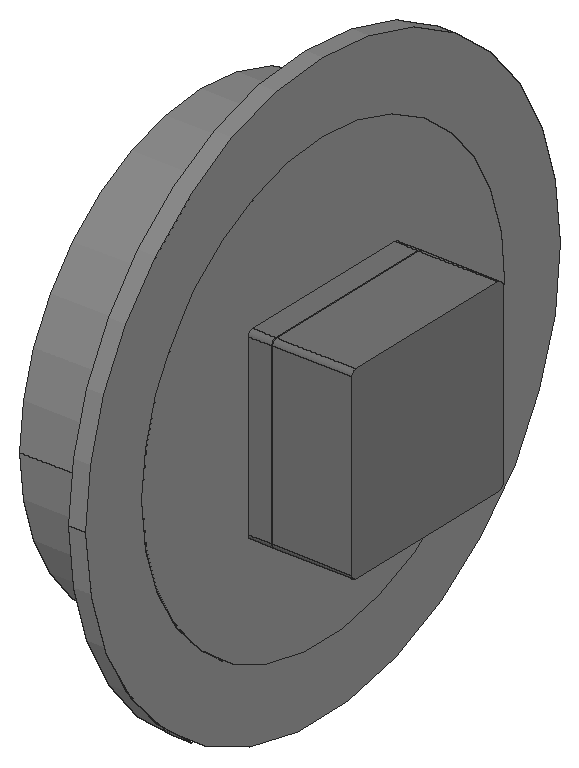
Revit family "VENTS-OVK", category Mechanical Equipment, Revit 2019
Family settings
  Round Connector Dimension = Use Diameter
  Classification = None
  Part Type = Breaks Into
  OmniClass Number = 23.75.35.17.11
  OmniClass Title = Fans for Air Ductwork
  Work Plane-Based = No
  Always vertical = Yes
  Cut with Voids When Loaded = No
  Shared = No
  Room Calculation Point = No
Parameters (values of type "OVK 2E 250 (60Hz)")
  sFl = 2 mm  # constant formula
  r = 10 mm  # constant formula
  gsD = L * 0.8  # 56 mm
  dFl = (D2 - D) / 2  # 40 mm
  Weight = 3.80 kg
  Voltage = 230 V
  URL = "https://ventilation-system.com/product/ovk-2e-250"
  Type Comments = "Axial fan for wall mounting OVK 2E 250"
  Transported Air Temperature (°C) = "-30...+50"
  Supply Flow Direction Symbol [instance] = no
  RPM (min-1) = 2990
  Protection rating = "IPX4"
  Power Factor = 1
  Power = 91 W
  Number of Poles = 1
  Noise Level at 3 m (dBa) = 51
  Motor protection rating = "IP24"
  Model = "OVK 2E 250"
  Maximum Air Flow = 1150 m³/h
  Manufacturer = "Vents"
  Maintenance Zone Material = Maintenance Zone
  Maintenance Zone Length = 600 mm
  Maintenance Zone [instance] = no
  Load Classification = HVAC
  Lgr = 2 mm
  H1 = 130 mm
  L1 = 10 mm
  L2 = L - L1  # 60 mm
  L = 70 mm
  Exhaust Flow Direction Symbol [instance] = yes
  Flow Factor [instance] = 1  # constant formula
  Family Version = "1.0"  # constant formula
  Distribution Box Material = Distribution Box
  Din = D - 2 mm * 2  # 256 mm
  Description = "Low pressure axial fan in the steel casing for wall mounting"
  Current = 0.42 A
  Copyright = "©Vents"
  Casing Material = Metal Painted Black
  D2 = 340 mm
  D = 260 mm
  Apparent Power = Power / Power Factor  # 91 VA
  Air Flow [instance] = 0 m³/h
Types (44, lengths in mm): name | gsD | dFl | Weight | Voltage | URL | Type Comments | Transported Air Temperature (°C) | RPM (min-1) | Power | Number of Poles | Noise Level at 3 m (dBa) | Motor protection rating | Model | Maximum Air Flow | Lgr | H1 | L2 | L | Din | Current | D2 | D | Apparent Power
  OVK 2E 200 (50Hz) | 48 | 35 | 2.80 kg | 230 V | "https://ventilation-system.com/product/ovk-2e-200" | "Axial fan for wall mounting OVK 2E 200" | "-30...+60" | 2300 | 55 W | 1 | 48 | "IP24" | "OVK 2E 200" | 860 m³/h | 2 | 120 | 50 | 60 | 206 | 0.26 A | 280 | 210 | 55 VA
  OVK 2E 200 (60Hz) | 48 | 35 | 2.80 kg | 230 V | "https://ventilation-system.com/product/ovk-2e-200" | "Axial fan for wall mounting OVK 2E 200" | "-30...+50" | 2550 | 61 W | 1 | 49 | "IP24" | "OVK 2E 200" | 875 m³/h | 2 | 120 | 50 | 60 | 206 | 0.28 A | 280 | 210 | 61 VA
  OVK 2E 250 (50Hz) | 56 | 40 | 3.80 kg | 230 V | "https://ventilation-system.com/product/ovk-2e-250" | "Axial fan for wall mounting OVK 2E 250" | "-30...+60" | 2400 | 80 W | 1 | 50 | "IP24" | "OVK 2E 250" | 1050 m³/h | 2 | 130 | 60 | 70 | 256 | 0.4 A | 340 | 260 | 80 VA
  OVK 2E 250 (60Hz) | 56 | 40 | 3.80 kg | 230 V | "https://ventilation-system.com/product/ovk-2e-250" | "Axial fan for wall mounting OVK 2E 250" | "-30...+50" | 2990 | 91 W | 1 | 51 | "IP24" | "OVK 2E 250" | 1150 m³/h | 2 | 130 | 60 | 70 | 256 | 0.42 A | 340 | 260 | 91 VA
  OVK 4E 250 (50Hz) | 56 | 40 | 3.40 kg | 230 V | "https://ventilation-system.com/product/ovk-4e-250" | "Axial fan for wall mounting OVK 4E 250" | "-30...+60" | 1380 | 50 W | 1 | 38 | "IP24" | "OVK 4E 250" | 800 m³/h | 2 | 130 | 60 | 70 | 256 | 0.22 A | 340 | 260 | 50 VA
  OVK 4E 250 (60Hz) | 56 | 40 | 3.40 kg | 230 V | "https://ventilation-system.com/product/ovk-4e-250" | "Axial fan for wall mounting OVK 4E 250" | "-30...+50" | 1730 | 56 W | 1 | 39 | "IP24" | "OVK 4E 250" | 865 m³/h | 2 | 130 | 60 | 70 | 256 | 0.24 A | 340 | 260 | 56 VA
  OVK 2E 300 (50Hz) | 64 | 40 | 5.90 kg | 230 V | "https://ventilation-system.com/product/ovk-2e-300" | "Axial fan for wall mounting OVK 2E 300" | "-30...+60" | 2300 | 145 W | 1 | 53 | "IP24" | "OVK 2E 300" | 2230 m³/h | 2 | 140 | 70 | 80 | 313 | 0.66 A | 397 | 317 | 145 VA
  OVK 2E 300 (60Hz) | 64 | 40 | 5.90 kg | 230 V | "https://ventilation-system.com/product/ovk-2e-300" | "Axial fan for wall mounting OVK 2E 300" | "-30...+50" | 2410 | 178 W | 1 | 54 | "IP24" | "OVK 2E 300" | 2280 m³/h | 2 | 140 | 70 | 80 | 313 | 0.79 A | 397 | 317 | 178 VA
  OVK 4E 300 (50Hz) | 64 | 40 | 5.00 kg | 230 V | "https://ventilation-system.com/product/ovk-4e-300" | "Axial fan for wall mounting OVK 4E 300" | "-30...+60" | 1350 | 75 W | 1 | 44 | "IP24" | "OVK 4E 300" | 1340 m³/h | 2 | 140 | 70 | 80 | 313 | 0.35 A | 397 | 317 | 75 VA
  OVK 4E 300 (60Hz) | 64 | 40 | 5.00 kg | 230 V | "https://ventilation-system.com/product/ovk-4e-300" | "Axial fan for wall mounting OVK 4E 300" | "-30...+50" | 1405 | 92 W | 1 | 45 | "IP24" | "OVK 4E 300" | 1475 m³/h | 2 | 140 | 70 | 80 | 313 | 0.4 A | 397 | 317 | 92 VA
  OVK 4E 350 (50Hz) | 77.6 | 43 | 7.50 kg | 230 V | "https://ventilation-system.com/product/ovk-4e-350" | "Axial fan for wall mounting OVK 4E 350" | "-30...+60" | 1380 | 140 W | 1 | 46 | "IP24" | "OVK 4E 350" | 2500 m³/h | 2 | 160 | 87 | 97 | 370 | 0.65 A | 460 | 374 | 140 VA
  OVK 4E 350 (60Hz) | 77.6 | 43 | 7.70 kg | 230 V | "https://ventilation-system.com/product/ovk-4e-350" | "Axial fan for wall mounting OVK 4E 350" | "-30...+50" | 1700 | 147 W | 1 | 47 | "IP24" | "OVK 4E 350" | 2650 m³/h | 2 | 160 | 87 | 97 | 370 | 0.66 A | 460 | 374 | 147 VA
  OVK 4E 400 (50Hz) | 77.6 | 56 | 8.50 kg | 230 V | "https://ventilation-system.com/product/ovk-4e-400" | "Axial fan for wall mounting OVK 4E 400" | "-30...+60" | 1380 | 180 W | 1 | 53 | "IP24" | "OVK 4E 400" | 3580 m³/h | 35 | 195 | 87 | 97 | 412 | 0.82 A | 528 | 416 | 180 VA
  OVK 4E 400 (60Hz) | 77.6 | 56 | 8.50 kg | 230 V | "https://ventilation-system.com/product/ovk-4e-400" | "Axial fan for wall mounting OVK 4E 400" | "-30...+50" | 1655 | 240 W | 1 | 54 | "IP24" | "OVK 4E 400" | 3890 m³/h | 35 | 195 | 87 | 97 | 412 | 1.08 A | 528 | 416 | 240 VA
  OVK 4E 450 (50Hz) | 88 | 71 | 10.00 kg | 230 V | "https://ventilation-system.com/product/ovk-4e-450" | "Axial fan for wall mounting OVK 4E 450" | "-30...+60" | 1350 | 250 W | 1 | 56 | "IP24" | "OVK 4E 450" | 4680 m³/h | 35 | 205 | 100 | 110 | 461 | 1.2 A | 607 | 465 | 250 VA
  OVK 4E 450 (60Hz) | 88 | 71 | 10.00 kg | 230 V | "https://ventilation-system.com/product/ovk-4e-450" | "Axial fan for wall mounting OVK 4E 450" | "-30...+50" | 1600 | 325 W | 1 | 57 | "IP24" | "OVK 4E 450" | 4790 m³/h | 35 | 205 | 100 | 110 | 461 | 1.46 A | 607 | 465 | 325 VA
  OVK 4E 500 (50Hz) | 104 | 67.5 | 14.00 kg | 230 V | "https://ventilation-system.com/product/ovk-4e-500" | "Axial fan for wall mounting OVK 4E 500" | "-30...+60" | 1300 | 420 W | 1 | 58 | "IP24" | "OVK 4E 500" | 7060 m³/h | 15 | 205 | 120 | 130 | 516 | 1.95 A | 655 | 520 | 420 VA
  OVK 4E 500 (60Hz) | 104 | 67.5 | 14.00 kg | 230 V | "https://ventilation-system.com/product/ovk-4e-500" | "Axial fan for wall mounting OVK 4E 500" | "-30...+50" | 1630 | 455 W | 1 | 59 | "IP24" | "OVK 4E 500" | 7130 m³/h | 15 | 205 | 120 | 130 | 516 | 2.05 A | 655 | 520 | 455 VA
  OVK 4E 550 (50Hz) | 112 | 70 | 16.50 kg | 230 V | "https://ventilation-system.com/product/ovk-4e-550" | "Axial fan for wall mounting OVK 4E 550" | "-30...+60" | 1300 | 550 W | 1 | 62 | "IP24" | "OVK 4E 550" | 8800 m³/h | 15 | 215 | 130 | 140 | 566 | 2.55 A | 710 | 570 | 550 VA
  OVK 4E 550 (60Hz) | 112 | 70 | 16.50 kg | 230 V | "https://ventilation-system.com/product/ovk-4e-550" | "Axial fan for wall mounting OVK 4E 550" | "-30...+50" | 1580 | 654 W | 1 | 63 | "IP24" | "OVK 4E 550" | 8970 m³/h | 15 | 215 | 130 | 140 | 566 | 2.88 A | 710 | 570 | 654 VA
  OVK 4E 630 (50Hz) | 123.2 | 75 | 20.00 kg | 230 V | "https://ventilation-system.com/product/ovk-4e-630" | "Axial fan for wall mounting OVK 4E 630" | "-30...+60" | 1360 | 750 W | 1 | 67 | "IP24" | "OVK 4E 630" | 11900 m³/h | 15 | 230 | 144 | 154 | 646 | 3.5 A | 800 | 650 | 750 VA
  OVK 4E 630 (60Hz) | 123.2 | 75 | 20.00 kg | 230 V | "https://ventilation-system.com/product/ovk-4e-630" | "Axial fan for wall mounting OVK 4E 630" | "-30...+50" | 1625 | 979 W | 1 | 68 | "IP24" | "OVK 4E 630" | 12100 m³/h | 15 | 230 | 144 | 154 | 646 | 4.26 A | 800 | 650 | 979 VA
  OVK 2D 250 (50Hz) | 56 | 40 | 3.80 kg | 400 V | "https://ventilation-system.com/product/ovk-2d-250" | "Axial fan for wall mounting OVK 2D 250" | "-30...+60" | 2600 | 80 W | 3 | 51 | "IP44" | "OVK 2D 250" | 1060 m³/h | 2 | 130 | 60 | 70 | 256 | 0.22 A | 340 | 260 | 80 VA
  OVK 2D 250 (60Hz) | 56 | 40 | 3.80 kg | 400 V | "https://ventilation-system.com/product/ovk-2d-250" | "Axial fan for wall mounting OVK 2D 250" | "-30...+50" | 3030 | 92 W | 3 | 52 | "IP44" | "OVK 2D 250" | 1150 m³/h | 2 | 130 | 60 | 70 | 256 | 0.24 A | 340 | 260 | 92 VA
  OVK 4D 250 (50Hz) | 56 | 40 | 3.40 kg | 400 V | "https://ventilation-system.com/product/ovk-4d-250" | "Axial fan for wall mounting OVK 4D 250" | "-30...+60" | 1400 | 60 W | 3 | 38 | "IP44" | "OVK 4D 250" | 850 m³/h | 2 | 130 | 60 | 70 | 256 | 0.17 A | 340 | 260 | 60 VA
  OVK 4D 250 (60Hz) | 56 | 40 | 3.40 kg | 400 V | "https://ventilation-system.com/product/ovk-4d-250" | "Axial fan for wall mounting OVK 4D 250" | "-30...+50" | 1750 | 89 W | 3 | 38 | "IP44" | "OVK 4D 250" | 885 m³/h | 2 | 130 | 60 | 70 | 256 | 0.22 A | 340 | 260 | 89 VA
  OVK 2D 300 (50Hz) | 64 | 40 | 5.10 kg | 400 V | "https://ventilation-system.com/product/ovk-2d-300" | "Axial fan for wall mounting OVK 2D 300" | "-30...+60" | 2350 | 145 W | 3 | 52 | "IP44" | "OVK 2D 300" | 2310 m³/h | 2 | 140 | 70 | 80 | 313 | 0.25 A | 397 | 317 | 145 VA
  OVK 2D 300 (60Hz) | 64 | 40 | 5.10 kg | 400 V | "https://ventilation-system.com/product/ovk-2d-300" | "Axial fan for wall mounting OVK 2D 300" | "-30...+50" | 2570 | 165 W | 3 | 52 | "IP44" | "OVK 2D 300" | 2390 m³/h | 2 | 140 | 70 | 80 | 313 | 0.29 A | 397 | 317 | 165 VA
  OVK 4D 300 (50Hz) | 64 | 40 | 5.10 kg | 400 V | "https://ventilation-system.com/product/ovk-4d-300" | "Axial fan for wall mounting OVK 4D 300" | "-30...+60" | 1380 | 75 W | 3 | 45 | "IP44" | "OVK 4D 300" | 1310 m³/h | 2 | 140 | 70 | 80 | 313 | 0.22 A | 397 | 317 | 75 VA
  OVK 4D 300 (60Hz) | 64 | 40 | 5.10 kg | 400 V | "https://ventilation-system.com/product/ovk-4d-300" | "Axial fan for wall mounting OVK 4D 300" | "-30...+50" | 1640 | 94 W | 3 | 45 | "IP44" | "OVK 4D 300" | 1530 m³/h | 2 | 140 | 70 | 80 | 313 | 0.25 A | 397 | 317 | 94 VA
  OVK 4D 350 (50Hz) | 77.6 | 43 | 7.50 kg | 400 V | "https://ventilation-system.com/product/ovk-4d-350" | "Axial fan for wall mounting OVK 4D 350" | "-30...+60" | 1380 | 140 W | 3 | 46 | "IP44" | "OVK 4D 350" | 2520 m³/h | 2 | 160 | 87 | 97 | 370 | 0.38 A | 460 | 374 | 140 VA
  OVK 4D 350 (60Hz) | 77.6 | 43 | 7.50 kg | 400 V | "https://ventilation-system.com/product/ovk-4d-350" | "Axial fan for wall mounting OVK 4D 350" | "-30...+50" | 1640 | 150 W | 3 | 46 | "IP44" | "OVK 4D 350" | 2590 m³/h | 2 | 160 | 87 | 97 | 370 | 0.41 A | 460 | 374 | 150 VA
  OVK 4D 400 (50Hz) | 77.6 | 56 | 8.50 kg | 400 V | "https://ventilation-system.com/product/ovk-4d-400" | "Axial fan for wall mounting OVK 4D 400" | "-30...+60" | 1380 | 180 W | 3 | 54 | "IP44" | "OVK 4D 400" | 3740 m³/h | 35 | 195 | 87 | 97 | 412 | 0.47 A | 528 | 416 | 180 VA
  OVK 4D 400 (60Hz) | 77.6 | 56 | 8.50 kg | 400 V | "https://ventilation-system.com/product/ovk-4d-400" | "Axial fan for wall mounting OVK 4D 400" | "-30...+50" | 1625 | 195 W | 3 | 54 | "IP44" | "OVK 4D 400" | 3870 m³/h | 35 | 195 | 87 | 97 | 412 | 0.55 A | 528 | 416 | 195 VA
  OVK 4D 450 (50Hz) | 88 | 71 | 10.00 kg | 400 V | "https://ventilation-system.com/product/ovk-4d-450" | "Axial fan for wall mounting OVK 4D 450" | "-30...+60" | 1360 | 250 W | 3 | 56 | "IP44" | "OVK 4D 450" | 5280 m³/h | 35 | 205 | 100 | 110 | 461 | 0.6 A | 607 | 465 | 250 VA
  OVK 4D 450 (60Hz) | 88 | 71 | 10.00 kg | 400 V | "https://ventilation-system.com/product/ovk-4d-450" | "Axial fan for wall mounting OVK 4D 450" | "-30...+50" | 1620 | 275 W | 3 | 56 | "IP44" | "OVK 4D 450" | 5350 m³/h | 35 | 205 | 100 | 110 | 461 | 0.65 A | 607 | 465 | 275 VA
  OVK 4D 500 (50Hz) | 104 | 67.5 | 14.00 kg | 400 V | "https://ventilation-system.com/product/ovk-4d-500" | "Axial fan for wall mounting OVK 4D 500" | "-30..+60" | 1300 | 450 W | 3 | 60 | "IP24" | "OVK 4D 500" | 6570 m³/h | 60 | 250 | 120 | 130 | 516 | 0.9 A | 655 | 520 | 450 VA
  OVK 4D 500 (60Hz) | 104 | 67.5 | 14.00 kg | 400 V | "https://ventilation-system.com/product/ovk-4d-500" | "Axial fan for wall mounting OVK 4D 500" | "-30..+50" | 1605 | 370 W | 3 | 60 | "IP24" | "OVK 4D 500" | 6230 m³/h | 60 | 250 | 120 | 130 | 516 | 0.7 A | 655 | 520 | 370 VA
  OVK 4D 550 (50Hz) | 112 | 70 | 16.50 kg | 400 V | "https://ventilation-system.com/product/ovk-4d-550" | "Axial fan for wall mounting OVK 4D 550" | "-30..+60" | 1350 | 750 W | 3 | 64 | "IP24" | "OVK 4D 550" | 9700 m³/h | 60 | 260 | 130 | 140 | 566 | 1.5 A | 710 | 570 | 750 VA
  OVK 4D 550 (60Hz) | 112 | 70 | 16.50 kg | 400 V | "https://ventilation-system.com/product/ovk-4d-550" | "Axial fan for wall mounting OVK 4D 550" | "-30..+50" | 1605 | 600 W | 3 | 64 | "IP24" | "OVK 4D 550" | 7380 m³/h | 60 | 260 | 130 | 140 | 566 | 1.1 A | 710 | 570 | 600 VA
  OVK 4D 630 (50Hz) | 123.2 | 75 | 20.00 kg | 400 V | "https://ventilation-system.com/product/ovk-4d-630" | "Axial fan for wall mounting OVK 4D 630" | "-30..+60" | 1320 | 800 W | 3 | 69 | "IP24" | "OVK 4D 630" | 12200 m³/h | 60 | 275 | 144 | 154 | 646 | 1.6 A | 800 | 650 | 800 VA
  OVK 4D 630 (60Hz) | 123.2 | 75 | 20.00 kg | 400 V | "https://ventilation-system.com/product/ovk-4d-630" | "Axial fan for wall mounting OVK 4D 630" | "-30..+50" | 1585 | 910 W | 3 | 69 | "IP24" | "OVK 4D 630" | 12400 m³/h | 60 | 275 | 144 | 154 | 646 | 1.68 A | 800 | 650 | 910 VA
  OVK 6D 710 (50Hz) | 137.6 | 82.5 | 31.00 kg | 400 V | "https://ventilation-system.com/product/ovk-6d-710" | "Axial fan for wall mounting OVK 6D 710" | "-30...+60" | 830 | 1150 W | 3 | 63 | "IP44" | "OVK 6D 710" | 15440 m³/h | 180 | 350 | 162 | 172 | 721 | 2 A | 890 | 725 | 1150 VA
  OVK 6D 800 (50Hz) | 137.6 | 85 | 42.00 kg | 400 V | "https://ventilation-system.com/product/ovk-6d-800" | "Axial fan for wall mounting OVK 6D 800" | "-30...+60" | 915 | 1850 W | 3 | 67 | "IP44" | "OVK 6D 800" | 25000 m³/h | 180 | 350 | 162 | 172 | 796 | 3.7 A | 970 | 800 | 1850 VA
Reference planes
  plane 1 "Center (Front/Back)": y = 0
  plane 2: z = 0
  plane 3 "Center (Left/Right)": x = 0
  plane 4 "Right": x = -60
  plane 5: y = 130
  plane 6: y = -130
  plane 7 "GraphicSymbolL": x = -30
  plane 8 "Front": x = 10
  plane 9 "ElCon": x = 70
  plane 10: y = -170
  plane 11: y = 170
Forms (mm)
  Extrusion 1, solid, material "Metal Painted Black" <- "Casing Material", detail levels medium+fine
    sketch origin (-60, 0, 0) x (0, 1, 0) y (0, 0, 1)
      loop
        circle (0, 0) r 130
    from 70 to 0
  Extrusion 2, solid, material "Metal Painted Black" <- "Casing Material", detail levels medium+fine
    sketch origin (0, 0, 0) x (0, 1, 0) y (0, 0, 1)
      loop
        circle (0, 0.843) r 170
    from 0 to 10
Lines and regions (mm)
  model lines, detail levels coarse
    curve 1: line (0, 130, 0) -> (-60, 130, 0)
    curve 2: line (-60, -130, 0) -> (0, -130, 0)
    curve 3: line (-60, 130, 0) -> (-60, -130, 0)
    curve 4: line (0, 170, 0) -> (0, -170, 0)
    curve 5: line (10, 170, 0) -> (10, -170, 0)
    curve 6: line (0, 170, 0) -> (10, 170, 0)
    curve 7: line (0, -170, 0) -> (10, -170, 0)
Dimensions and locks
  "L2": plane 4 "Right" to plane 3 "Center (Left/Right)"
  equal spacing: plane 5, plane 1 "Center (Front/Back)", plane 6
  "D": plane 5 to plane 6
  equal spacing: plane 4 "Right", plane 7 "GraphicSymbolL", plane 3 "Center (Left/Right)"
  "L1": plane 3 "Center (Left/Right)" to plane 8 "Front"
  "H1": plane 4 "Right" to plane 9 "ElCon"
  equal spacing: plane 10, plane 1 "Center (Front/Back)", plane 11
  "D2": plane 11 to plane 10
  "D": diameter of Extrusion 1 sketch curve
  "D2": diameter of Extrusion 2 sketch curve
  aligned and locked: level to plane 2
  aligned and locked: plane 4 "Right" to Extrusion 1
  aligned and locked: plane 8 "Front" to Extrusion 2
  aligned and locked: plane 8 "Front" to Extrusion 1
  aligned and locked: curve 4 to plane 3 "Center (Left/Right)"
  aligned and locked: plane 1 "Center (Front/Back)" to nested 1
  aligned and locked: level to nested 1
  aligned and locked: plane 1 "Center (Front/Back)" to nested 2
  aligned and locked: level to nested 2
  aligned and locked: nested 3 to plane 1 "Center (Front/Back)"
  aligned and locked: nested 4 to plane 1 "Center (Front/Back)"
  aligned and locked: curve 5 to plane 8 "Front"
  aligned and locked: plane 1 "Center (Front/Back)" to nested 5
  aligned and locked: level to nested 5
  aligned and locked: plane 9 "ElCon" to nested 4
  aligned and locked: plane 9 "ElCon" to nested 3
  aligned and locked: curve 6 to plane 11
  aligned and locked: curve 7 to plane 10
Automatic sketch dimensions
  curve 1 to plane 4 "Right" = 0 mm
  curve 3 to plane 6 = 0 mm
  curve 1 to plane 5 = 0 mm
  Extrusion 1 sketch curve to level = 0 mm
  Extrusion 1 sketch curve to plane 1 "Center (Front/Back)" = 0 mm
  Extrusion 2 sketch curve to plane 1 "Center (Front/Back)" = 0 mm
  level to Extrusion 2 sketch curve = 0.843 mm
Nested families
  nested 1: "Grill2" at (10, 0, 0) x (0, -1, 0) z (1, 0, 0), type "Grill2", detail levels fine
    with vd1 no, hc3 1.5 mm, hc2 1 mm, hc1 0.5 mm, H 2 mm
  nested 2: "DistributionBox" at (70, 0, 0) x (0, -1, 0) z (-1, 0, 0), type "DistributionBox", detail levels fine
    with Hcover 14 mm, Hcon 23 mm, H1 46 mm, ConD 20 mm, ConB 27 mm, ConA 27 mm, B 108 mm, A 108 mm
  nested 3: "GraphicalSymbol_AirDirection_Return" at (70, 0, 0) x (0, 1, 0) z (0, 0, 1), visible <- "Supply Flow Direction Symbol", type "GraphicalSymbol_AirDirection_Return"
    with DistanceFromOrigin 100 mm, W 120 mm, L 100 mm
  nested 4: "GraphicalSymbol_AirDirection_Supply" at (70, 0, 0) x (0, 1, 0) z (0, 0, 1), visible <- "Exhaust Flow Direction Symbol", type "GraphicalSymbol_AirDirection_Supply"
    with DistanceFromOrigin 100 mm, W 120 mm, L 100 mm
  nested 5: "MaintenanceZone_Rect" at (10, 0, 0) x (0, -1, 0) z (-1, 0, 0), visible <- "Maintenance Zone", type "MaintenanceZone_Rect", detail levels medium+fine
    with Maintenance Zone Width 340 mm, Maintenance Zone Length 340 mm, Maintenance Zone Height 600 mm
Connectors
  electrical at (47, 27, -51.975), driven by "Number of Poles", driven by "Load Classification", driven by "Voltage", driven by "Apparent Power", driven by "Power Factor"
    settings: on nested 2, index 1, voltage 230 V, apparent load 91 VA, apparent load phase1 0 VA, apparent load phase2 0 VA, apparent load phase3 0 VA, power factor 1, load classification "HVAC", number of poles 1, system type 30, power factor state 1, is connector primary yes, connector utility no, sub classification motor no, connector description ""
Definition of nested family "DistributionBox"
  Parameters (values of type "DistributionBox")
    Hcover = 10 mm
    Hcon = H1 / 2  # 12.5 mm
    H1 = 25 mm
    Distribution Box Material = none
    Default Elevation = 1219.2 mm
    ConD = 12 mm
    ConB = B / 4  # 12.5 mm
    ConA = A / 4  # 12.5 mm
    B = A  # 50 mm
    A = 50 mm
  Reference planes
    plane 1 "Center (Front/Back)": y = 0
    plane 2: z = 0
    plane 3 "Center (Left/Right)": x = 0
    plane 4: x = -25
    plane 5: x = 25
    plane 6: y = 25
    plane 7 "bottom": y = -25
    plane 8: z = 25
    plane 9: z = 35
    plane 10: x = -12.5
    plane 11: x = 12.5
    plane 12: y = 12.5
    plane 13: y = -12.5
    plane 14: z = 12.5
  Forms (mm)
    Extrusion 1, solid, material <- "Distribution Box Material"
      sketch origin (0, 0, 0) x (1, 0, 0) y (0, 1, 0)
        loop
          arc (-22, 25) -> (-24.121, 24.121) -> (-25, 22) r 3
          line (-25, 22) -> (-25, -22)
          arc (-25, -22) -> (-24.121, -24.121) -> (-22, -25) r 3
          line (-22, -25) -> (22, -25)
          arc (22, -25) -> (24.121, -24.121) -> (25, -22) r 3
          line (25, -22) -> (25, 22)
          arc (25, 22) -> (24.121, 24.121) -> (22, 25) r 3
          line (22, 25) -> (-22, 25)
      from 0 to 25
    Extrusion 2, solid, material <- "Distribution Box Material"
      sketch origin (0, 0, 0) x (1, 0, 0) y (0, 1, 0)
        loop
          arc (-22, 25) -> (-24.121, 24.121) -> (-25, 22) r 3
          line (-25, 22) -> (-25, -22)
          arc (-25, -22) -> (-24.121, -24.121) -> (-22, -25) r 3
          line (-22, -25) -> (22, -25)
          arc (22, -25) -> (24.121, -24.121) -> (25, -22) r 3
          line (25, -22) -> (25, 22)
          arc (25, 22) -> (24.121, 24.121) -> (22, 25) r 3
          line (22, 25) -> (-22, 25)
      from 25 to 35
    Extrusion 3, void
      sketch origin (-568.953, -25, 1200) x (1, 0, 0) y (0, 0, 1)
        loop
          circle (556.453, -1187.5) r 6
      from -2.025 to 0
  Cuts and joins
    Extrusion 3 cuts Extrusion 1
    Extrusion 3 cuts Extrusion 2
  Dimensions and locks
    equal spacing: plane 6, plane 1 "Center (Front/Back)", plane 7 "bottom"
    equal spacing: plane 4, plane 3 "Center (Left/Right)", plane 5
    "A": plane 6 to plane 7 "bottom"
    "B": plane 4 to plane 5
    "H1": level to plane 8
    "Hcover": plane 8 to plane 9
    "ConA": plane 1 "Center (Front/Back)" to plane 12
    "ConA": plane 13 to plane 1 "Center (Front/Back)"
    "ConB": plane 10 to plane 3 "Center (Left/Right)"
    "ConB": plane 3 "Center (Left/Right)" to plane 11
    "Hcon": plane 14 to level
    "ConD": diameter of Extrusion 3 sketch curve
    aligned and locked: level to plane 2
    aligned and locked: Extrusion 1 sketch curve to plane 6
    aligned and locked: plane 4 to Extrusion 1 sketch curve
    aligned and locked: plane 7 "bottom" to Extrusion 1 sketch curve
    aligned and locked: Extrusion 1 sketch curve to plane 5
    aligned and locked: plane 8 to Extrusion 1
    aligned and locked: plane 4 to Extrusion 2 sketch curve
    aligned and locked: Extrusion 2 sketch curve to plane 5
    aligned and locked: Extrusion 2 sketch curve to plane 6
    aligned and locked: plane 7 "bottom" to Extrusion 2 sketch curve
    aligned and locked: Extrusion 2 to plane 8
    aligned and locked: plane 9 to Extrusion 2
  Automatic sketch dimensions
    Extrusion 1 sketch curve to Extrusion 1 sketch curve = 3 mm  (x2)
    Extrusion 1 sketch curve to plane 5 = 3 mm  (x2)
    plane 4 to Extrusion 2 sketch curve = 3 mm
    Extrusion 2 sketch curve to Extrusion 2 sketch curve = 3 mm
    Extrusion 2 sketch curve to plane 5 = 3 mm  (x2)
    Extrusion 3 sketch curve to plane 10 = 0 mm
    Extrusion 3 sketch curve to plane 14 = 0 mm
Definition of nested family "MaintenanceZone_Rect"
  Parameters (values of type "MaintenanceZone_Rect")
    Maintenance Zone Width = 500 mm
    Material = none
    Maintenance Zone Length = 1000 mm
    Maintenance Zone Height = 300 mm
    Family Version = ""
    Default Elevation = 1219.2 mm
    Copyright = ""
  Reference planes
    plane 1 "Center (Front/Back)": y = 0
    plane 2: z = 0
    plane 3 "Center (Left/Right)": x = 0
    plane 4: x = -500
    plane 5: x = 500
    plane 6: y = 250
    plane 7: y = -250
    plane 8: z = -300
  Forms (mm)
    Extrusion 1, solid, material <- "Material", detail levels medium+fine
      sketch origin (0, 0, 0) x (1, 0, 0) y (0, 1, 0)
        loop
          line (-500, 250) -> (-500, -250) -> (500, -250) -> (500, 250) -> (-500, 250)
      from 0 to -300
  Lines and regions (mm)
    symbolic lines, detail levels medium+fine
      curve 1: line (-500, 0, 0) -> (500, 0, 0)
      curve 2: line (-500, 0, -300) -> (-500, 0, 0)
      curve 3: line (500, 0, -300) -> (-500, 0, -300)
      curve 4: line (500, 0, 0) -> (500, 0, -300)
      curve 5: line (0, 250, 0) -> (0, -250, 0)
      curve 6: line (0, 250, -300) -> (0, 250, 0)
      curve 7: line (0, -250, -300) -> (0, 250, -300)
      curve 8: line (0, -250, 0) -> (0, -250, -300)
      curve 9: line (-500, 250, 0) -> (500, 250, 0)
      curve 10: line (-500, -250, 0) -> (-500, 250, 0)
      curve 11: line (500, -250, 0) -> (-500, -250, 0)
      curve 12: line (500, 250, 0) -> (500, -250, 0)
  Dimensions and locks
    equal spacing: plane 6, plane 1 "Center (Front/Back)", plane 7
    equal spacing: plane 4, plane 3 "Center (Left/Right)", plane 5
    "Maintenance Zone Width": plane 6 to plane 7
    "Maintenance Zone Length": plane 4 to plane 5
    "Maintenance Zone Height": plane 2 to plane 8
    aligned and locked: level to plane 2
    aligned and locked: Extrusion 1 sketch curve to plane 6
    aligned and locked: plane 4 to Extrusion 1 sketch curve
    aligned and locked: plane 7 to Extrusion 1 sketch curve
    aligned and locked: Extrusion 1 sketch curve to plane 5
    aligned and locked: Extrusion 1 to plane 8
    aligned and locked: curve 1 to Extrusion 1
    aligned and locked: curve 2 to Extrusion 1
    aligned and locked: curve 3 to Extrusion 1
    aligned and locked: curve 4 to Extrusion 1
    aligned and locked: curve 5 to Extrusion 1
    aligned and locked: curve 6 to Extrusion 1
    aligned and locked: curve 7 to Extrusion 1
    aligned and locked: curve 8 to Extrusion 1
    aligned and locked: curve 9 to Extrusion 1
    aligned and locked: curve 10 to Extrusion 1
    aligned and locked: curve 11 to Extrusion 1
    aligned and locked: curve 12 to Extrusion 1
Definition of nested family "Grill2"
  Parameters (values of type "Grill2")
    vh3 = if(hc1 < 5 mm, 1 = 0, 1 = 1)  # no
    vh2 = yes
    vh1 = if(hc1 < 5 mm, 1 = 0, 1 = 1)  # no
    vd1 = yes
    nh = 3
    nd = 6
    hc3 = hc2 + H / (nh + 1)  # 11.25 mm
    hc2 = hc1 + H / (nh + 1)  # 7.5 mm
    hc1 = H / (nh + 1)  # 3.75 mm
    dr2 = ((A / 2) / sin(45.00°) - (D / 2)) * sin(45.00°)  # 12.076 mm
    dr1 = 1 mm
    dc5 = dc4 + D / nd  # 216.667 mm
    dc4 = dc3 + D / nd  # 173.333 mm
    dc3 = dc2 + D / nd  # 130 mm
    dc2 = dc1 + D / nd  # 86.667 mm
    dc1 = D / nd  # 43.333 mm
    H = 15 mm
    Material = none
    D1 = D * 1.05  # 273 mm
    D = 260 mm
    Default Elevation = 1219.2 mm
    A = D * 0.8  # 208 mm
  Reference planes
    plane 1 "Center (Front/Back)": y = 0
    plane 2: z = 0
    plane 3 "Center (Left/Right)": x = 0
    plane 4: y = 104
    plane 5: y = -104
    plane 6: x = -104
    plane 7: x = 104
    plane 8 "1": z = 15
    plane 9: y = 91.924
    plane 10 "11": x = -91.924
    plane 11: y = -91.924
    plane 12 "22": x = 91.924
    plane 13 "h2": z = 7.5
    plane 14 "h1": z = 3.75
    plane 15 "h3": z = 11.25
  Lines and regions (mm)
    model lines
      curve 1: line (-104, 104, 0) -> (-91.924, 91.924, 0)
      curve 2: line (-104, -104, 0) -> (-91.924, -91.924, 0)
      curve 4: circle (0, 0, 15) r 43.333 normal (0, 0, 1)
      curve 5: circle (0, 0, 15) r 65 normal (0, 0, 1)
      curve 6: circle (0, 0, 15) r 86.667 normal (0, 0, 1)
      curve 7: circle (0, 0, 15) r 108.333 normal (0, 0, 1)
      curve 8: circle (0, 0, 15) r 130 normal (0, 0, 1)
      curve 9: line (-91.924, 91.924, 15) -> (91.924, -91.924, 15)
      curve 10: line (91.924, -91.924, 0) -> (104, -104, 0)
      curve 11: line (-91.924, -91.924, 15) -> (91.924, 91.924, 15)
      curve 12: line (91.924, 91.924, 0) -> (104, 104, 0)
      curve 13: line (-91.924, 91.924, 15) -> (-91.924, 91.924, 0)
      curve 14: line (-91.924, -91.924, 15) -> (-91.924, -91.924, 0)
      curve 15: line (91.924, 91.924, 15) -> (91.924, 91.924, 0)
      curve 16: line (91.924, -91.924, 15) -> (91.924, -91.924, 0)
    model lines, visible <- "vd1"
      curve 3: circle (0, 0, 15) r 21.667 normal (0, 0, 1)
    model lines, visible <- "vh1"
      curve 17: circle (0, 0, 3.75) r 130 normal (0, 0, 1)
    model lines, visible <- "vh2"
      curve 18: circle (0, 0, 7.5) r 130 normal (0, 0, 1)
    model lines, visible <- "vh3"
      curve 19: circle (0, 0, 11.25) r 130 normal (0, 0, 1)
  Dimensions and locks
    equal spacing: plane 6, plane 3 "Center (Left/Right)", plane 7
    "A": plane 6 to plane 7
    equal spacing: plane 4, plane 1 "Center (Front/Back)", plane 5
    "A": plane 4 to plane 5
    "dr2": plane 6 to plane 10 "11"
    "dr2": plane 12 "22" to plane 7
    "dr2": plane 4 to plane 9
    "dr2": plane 11 to plane 5
    "H": plane 8 "1" to level
    "hc1": plane 14 "h1" to level
    "hc2": plane 13 "h2" to level
    "hc3": plane 15 "h3" to level
    "dc1": diameter of curve 3
    "dc2": diameter of curve 4
    "dc4": diameter of curve 6
    "dc5": diameter of curve 7
    "D": diameter of curve 8
    "dc3": diameter of curve 5
    "D": diameter of curve 17
    "D": diameter of curve 18
    "D": diameter of curve 19
    aligned and locked: level to plane 2
    aligned and locked: plane 8 "1" to curve 13
    aligned and locked: level to curve 13
    aligned and locked: plane 8 "1" to curve 14
    aligned and locked: level to curve 14
    aligned and locked: plane 8 "1" to curve 15
    aligned and locked: level to curve 15
    aligned and locked: plane 8 "1" to curve 16
    aligned and locked: level to curve 16
    aligned and locked: plane 9 to curve 13
    aligned and locked: plane 11 to curve 14
    aligned and locked: plane 9 to curve 15
    aligned and locked: plane 11 to curve 16
  Automatic sketch dimensions
    curve 2 to plane 5 = 0 mm
    curve 2 to plane 6 = 0 mm
    curve 1 to plane 4 = 0 mm
    curve 1 to plane 6 = 0 mm
    curve 2 to plane 10 "11" = 0 mm
    curve 1 to plane 9 = 0 mm
    curve 1 to plane 10 "11" = 0 mm
    curve 12 to plane 9 = 0 mm
    curve 12 to plane 12 "22" = 0 mm
    curve 10 to plane 11 = 0 mm
    curve 10 to plane 12 "22" = 0 mm
    curve 12 to plane 4 = 0 mm
    curve 12 to plane 7 = 0 mm
    curve 10 to plane 5 = 0 mm
    curve 10 to plane 7 = 0 mm
    curve 2 to plane 11 = 0 mm
    curve 3 to curve 4 = 0 mm  (x2)
    curve 3 to curve 5 = 0 mm  (x2)
    curve 3 to curve 6 = 0 mm  (x2)
    curve 3 to curve 7 = 0 mm  (x2)
    curve 3 to curve 8 = 0 mm  (x2)
    curve 4 to curve 5 = 0 mm  (x2)
    curve 4 to curve 6 = 0 mm  (x2)
    curve 4 to curve 7 = 0 mm  (x2)
    curve 4 to curve 8 = 0 mm  (x2)
    curve 5 to curve 6 = 0 mm  (x2)
    curve 5 to curve 7 = 0 mm  (x2)
    curve 5 to curve 8 = 0 mm  (x2)
    curve 6 to curve 7 = 0 mm  (x2)
    curve 6 to curve 8 = 0 mm  (x2)
    curve 7 to curve 8 = 0 mm  (x2)
    curve 9 to plane 11 = 0 mm
    curve 9 to plane 12 "22" = 0 mm
    curve 11 to plane 9 = 0 mm
    curve 11 to plane 12 "22" = 0 mm
    curve 11 to plane 10 "11" = 0 mm
    curve 9 to plane 9 = 0 mm
    plane 1 "Center (Front/Back)" to curve 17 = 0 mm
    curve 17 to plane 3 "Center (Left/Right)" = 0 mm
    plane 1 "Center (Front/Back)" to curve 18 = 0 mm
    curve 18 to plane 3 "Center (Left/Right)" = 0 mm
    plane 1 "Center (Front/Back)" to curve 19 = 0 mm
    curve 19 to plane 3 "Center (Left/Right)" = 0 mm
Definition of nested family "GraphicalSymbol_AirDirection_Return"
  Parameters (values of type "GraphicalSymbol_AirDirection_Return")
    DistanceFromOrigin = 30 mm
    Default Elevation = 1219.2 mm
    W = 1.2 * L  # 60 mm
    L = 50 mm
  Reference planes
    plane 1 "Center (Front/Back)": y = 0
    plane 2: z = 0
    plane 3 "Center (Left/Right)": x = 0
    plane 4: y = -30
    plane 5: y = -80
    plane 6: x = -30
    plane 7: x = 30
  Lines and regions (mm)
    model lines
      curve 1: line (-30, -80, 0) -> (30, -80, 0)
      curve 2: line (30, -80, 0) -> (0, -30, 0)
      curve 3: line (0, -30, 0) -> (-30, -80, 0)
  Dimensions and locks
    equal spacing: plane 6, plane 3 "Center (Left/Right)", plane 7
    "DistanceFromOrigin": plane 4 to plane 1 "Center (Front/Back)"
    "L": plane 4 to plane 5
    "W": plane 6 to plane 7
    aligned and locked: level to plane 2
  Automatic sketch dimensions
    curve 1 to plane 5 = 0 mm
    curve 1 to plane 6 = 0 mm
    curve 3 to plane 3 "Center (Left/Right)" = 0 mm
    curve 2 to plane 7 = 0 mm
    curve 2 to plane 4 = 0 mm
Definition of nested family "GraphicalSymbol_AirDirection_Supply"
  Parameters (values of type "GraphicalSymbol_AirDirection_Supply")
    DistanceFromOrigin = 30 mm
    Default Elevation = 1219.2 mm
    W = 1.2 * L  # 60 mm
    L = 50 mm
  Reference planes
    plane 1 "Center (Front/Back)": y = 0
    plane 2: z = 0
    plane 3 "Center (Left/Right)": x = 0
    plane 4: y = -30
    plane 5: y = -80
    plane 6: x = -30
    plane 7: x = 30
  Lines and regions (mm)
    model lines
      curve 1: line (-30, -30, 0) -> (30, -30, 0)
      curve 2: line (30, -30, 0) -> (0, -80, 0)
      curve 3: line (0, -80, 0) -> (-30, -30, 0)
  Dimensions and locks
    equal spacing: plane 6, plane 3 "Center (Left/Right)", plane 7
    "DistanceFromOrigin": plane 4 to plane 1 "Center (Front/Back)"
    "L": plane 4 to plane 5
    "W": plane 6 to plane 7
    aligned and locked: level to plane 2
  Automatic sketch dimensions
    curve 3 to plane 6 = 0 mm
    curve 1 to plane 4 = 0 mm
    curve 2 to plane 3 "Center (Left/Right)" = 0 mm
    curve 2 to plane 7 = 0 mm
    curve 2 to plane 5 = 0 mm
